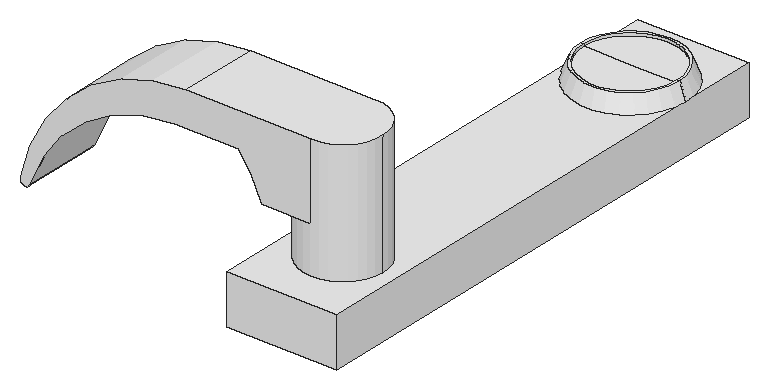
Revit family "Door-Hardware_Exit-Device_Hager_4600-Trim", category Specialty Equipment, Revit 2026
Family settings
  Round Connector Dimension = Use Diameter
  Part Type = Normal
  Classification Number = 23.30.40.31
  Work Plane-Based = Yes
  Enable Cutting in Views = No
  Always vertical = No
  Cut with Voids When Loaded = No
  Maintain Annotation Orientation = No
  Shared = Yes
  Room Calculation Point = No
Parameters (values of type "Cylinder Escutcheon")
  Warranty Duration (Years) = 0
  URL = "http://www.hagerco.com/"
  Strike Plate Type [instance] = ""
  Standards Conformance = "Grade 1"
  Specification = "http://www.arcat.com/sdspecs/htm04/08_71_00hco.htm"
  SpecWizard = ""
  Send Message = ""
  Sales Information = "http://www.hagerco.com/contact-us.aspx"
  Revision = "R1_2015-10"
  Product Properties = ""
  Product Data = "http://www.arcat.com/arcatcos/cos32/arc32922.html"
  Operating Temperature Range = "Interior - Exterior"
  Night Latch = no
  Model = "46CExxx"
  Manufacturer Website = "http://www.hagerco.com/"
  Manufacturer Phone - Toll Free = "800-325-9995"
  Manufacturer Phone = "314-772-4400"
  Manufacturer Fax = "800-782-0149"
  Manufacturer Address = "139 Victor St.  St. Louis, MO 63104"
  Manufacturer = "Hager Companies"
  Maintenance Schedule (Months) = 0
  Lever Type [instance] = Lever Option : Archer Lever
  Lever Rotation [instance] = if(or(Handing_RH, Handing_RHR), 180.00°, 0.00°)  # 0.00°
  Latchbolt Type [instance] = ""
  Keynote = "087100"
  Keying Type [instance] = ""
  Keying Function = "Keyed"
  Installation-Fabrication = ""
  Installation Phase = ""
  Handing_LHR [instance] = no
  Handing_RHR [instance] = no
  Handing_RH [instance] = no
  Handing_LH [instance] = yes
  Green Building-LEED = ""
  Function Type = "Function 08"
  Function Description = "Key unlocks and locks Lever"
  Fixture Finish [instance] = Metal - Standard US Finish as Specified
  Expected Lifespan (Years) = 0
  Drawn By = "Sumex Design, Inc. / Robert S. Weygant, CSI, CDT, SCIP"
  Door Thickness [instance] = 0' - 1 3/4"
  Description = "Hager Grade 1 Exit Device Trim - 4600 Series 46CExxx as Specified"
  Default Elevation = 0' - 0"  # constant formula
  Cylinder Type [instance] = ""
  Cylinder = yes
  Copyright = "©Arcat Inc."
  Construction Details = ""
  Backset [instance] = 0' - 2 3/4"
  Available Options [instance] = "as Specified"
  Assembly Code = "C1020410"
Types (4): name | Night Latch | Model | Keying Function | Function Type | Function Description | Description | Cylinder
  Cylinder Escutcheon | no | "46CExxx" | "Keyed" | "Function 08" | "Key unlocks and locks Lever" | "Hager Grade 1 Exit Device Trim - 4600 Series 46CExxx as Specified" | yes
  Blank Escutcheon | no | "46BExxx" | "Not Keyed" | "Function 14" | "Always Operable" | "Hager Grade 1 Exit Device Trim - 4600 Series 46BExxx as Specified" | no
  Night Latch Escutcheon | yes | "46NLxxx" | "Keyed" | "Function 03" | "Key retracts latchbolt" | "Hager Grade 1 Exit Device Trim - 4600 Series 46NLxxx as Specified" | no
  Dummy Escutcheon | no | "46DTxxx" | "Not Keyed" | "Function 02" | "Dummy" | "Hager Grade 1 Exit Device Trim - 4600 Series 46DTxxx as Specified" | no
Reference planes (in)
  plane 1 "Handle CL": y = 0
  plane 2 "Bottom": z = 0
  plane 3 "Center Rig": x = 0
  plane 4: z = 0
Dimensions and locks (in)
  plane 4 to level = 0' - 0"
Nested families (in)
  nested 1: "Lever Option" at (0, 0, 0), type <- "Lever Type", Lever Swivel <- "Lever Rotation", handle finish <- "Fixture Finish", Night Latch <- "Night Latch", Cylinder <- "Cylinder", type "Archer Lever"
    with pushbuttonstart 0' - 3", pushbuttonend 0' - 3 5/16", leverkey yes, knobkey no, handle finish Metal - Standard US Finish as Specified, cylindervis yes, cylinderlocate 0' - 5 1/2", Withnellvis no, Night Latch no, Lever Swivel 0.00°, Cylinder yes, Augustvis no, Archervis yes
Definition of nested family "Lever Option"
  Parameters
    pushbuttonstart [instance] = if(Lever Visible, 0' 3", 0' 2 7/16")  # 0' - 3"
    pushbuttonend [instance] = if(Lever Visible, 0' 3 5/16", 0' 2 3/4")  # 0' - 3 5/16"
    leverkey [instance] = no
    knobkey [instance] = no
    handle finish [instance] = none
    cylindervis [instance] = or(Night Latch, Cylinder)  # yes
    cylinderlocate [instance] = if(Cylinder, 0' 5 1/2", 0' 3")  # 0' - 5 1/2"
    Withnellvis [instance] = no
    Withnell = no
    Warranty Duration (Years) = 0
    URL = ""
    Specification = ""
    SpecWizard = ""
    Send Message = ""
    Sales Information = ""
    Revision = "R1_08-2013"
    Product Properties = ""
    Product Data = ""
    Night Latch [instance] = no
    Model = "As Specified"
    Manufacturer Website = ""
    Manufacturer Phone - Toll Free = ""
    Manufacturer Phone = ""
    Manufacturer Fax = ""
    Manufacturer Address = ""
    Manufacturer = ""
    Maintenance Schedule (Months) = 0
    Lever Visible = yes
    Lever Swivel [instance] = 0.00°
    Keynote = ""
    Installation-Fabrication = ""
    Installation Phase = ""
    Green Building-LEED = ""
    Expected Lifespan (Years) = 0
    Drawn By = "Sumex Design, Inc. / Robert S. Weygant, CSI, CDT, SCIP"
    Description = ""
    Default Elevation = 0' - 0"  # constant formula
    Cylinder [instance] = yes
    Copyright = "©Arcat Inc."
    Construction Details = ""
    Augustvis [instance] = no
    August = no
    Assembly Code = ""
    Archervis [instance] = yes
    Archer = yes
  Reference planes (in)
    plane 1 "Center (Front/Back)": y = 0
    plane 2 "Bottom": z = 0
    plane 3 "Center Rig": x = 0
    plane 4: y = 5.5
  Forms (in)
    Extrusion 1, solid, material <- "handle finish", visible <- "Archervis"
      sketch origin (0, 0, -0.125) x (-1, 0, 0) y (0, 0, 1)
        loop
          line (0, 2.75) -> (0, 1.59353) -> (0.7479, 1.59353)
          arc (0.7479, 1.59353) -> (0.89704, 1.92765) -> (1.11082, 2.2246) r 1.79552
          line (1.11082, 2.2246) -> (2.08175, 2.2246)
          arc (2.08175, 2.2246) -> (3.4483, 1.78263) -> (4.29721, 0.62412) r 2.33361
          arc (4.29721, 0.62412) -> (4.39183, 0.57278) -> (4.44899, 0.66401) r 0.07862
          arc (4.44899, 0.66401) -> (3.55438, 2.16153) -> (1.91225, 2.75) r 2.58544
          line (1.91225, 2.75) -> (0, 2.75)
      from -0.61541 to 0.61541
    Revolve 2, solid, material <- "handle finish", visible <- "Archervis"
      sketch origin (0, 0, -0.125) x (1, 0, 0) y (0, 0, 1)
        loop
          line (0, 0.40465) -> (0.61541, 0.40465) -> (0.61541, 2.75) -> (0, 2.75) -> (0, 0.40465)
        axis (0, 2.75) -> (0, 0.40465)
      angle from 0 to 360
    Extrusion 3, solid, material <- "handle finish", visible <- "Augustvis"
      sketch origin (0, 0, -0.125) x (-1, 0, 0) y (0, 0, 1)
        loop
          arc (4.58181, 2.43763) -> (3.18945, 2.67167) -> (1.77974, 2.75) r 12.72395
          line (1.77974, 2.75) -> (0, 2.75) -> (0, 1.09798) -> (0.6766, 1.09798) -> (0.6766, 2.30035)
          arc (0.6766, 2.30035) -> (0.71283, 2.34899) -> (0.75, 2.39692) r 3.10244
          line (0.75, 2.39692) -> (1.3629, 2.39692)
          arc (1.3629, 2.39692) -> (2.94831, 2.43729) -> (4.51393, 2.18427) r 8.5534
          line (4.51393, 2.18427) -> (4.58181, 2.43763)
      from -0.61541 to 0.61541
    Revolve 4, solid, material <- "handle finish", visible <- "Augustvis"
      sketch origin (0, 0, -0.125) x (1, 0, 0) y (0, 0, 1)
        loop
          line (0, 0.40465) -> (0.61541, 0.40465) -> (0.61541, 2.75) -> (0, 2.75) -> (0, 0.40465)
        axis (0, 2.75) -> (0, 0.40465)
      angle from 0 to 360
    Revolve 5, solid, material <- "handle finish", visible <- "Withnellvis"
      sketch origin (0, 0, -0.125) x (1, 0, 0) y (0, 0, 1)
        loop
          line (0, 0.4179) -> (0.61541, 0.4179) -> (0.61541, 2.75) -> (0, 2.75) -> (0, 0.4179)
        axis (0, 2.75) -> (0, 0.4179)
      angle from 0 to 360
    Extrusion 6, solid, material <- "handle finish", visible <- "Withnellvis"
      sketch origin (0, 0, -0.125) x (-1, 0, 0) y (0, 0, 1)
        loop
          line (4.0272, 0.6194) -> (3.3812, 2.60756)
          arc (3.3812, 2.60756) -> (3.30632, 2.71063) -> (3.18515, 2.75) r 0.20614
          line (3.18515, 2.75) -> (0, 2.75) -> (0, 1.09798) -> (0.65921, 1.09798) -> (0.65921, 2.10083)
          arc (0.65921, 2.10083) -> (0.71467, 2.23472) -> (0.84856, 2.29018) r 0.18935
          line (0.84856, 2.29018) -> (3.16127, 2.29018) -> (3.89194, 0.56883)
          arc (3.89194, 0.56883) -> (3.98377, 0.52937) -> (4.0272, 0.6194) r 0.07227
      from -0.61541 to 0.61541
    Extrusion 7, solid, material <- "handle finish"
      sketch origin (0, 0, 0) x (1, 0, 0) y (0, 1, 0)
        loop
          line (-0.84375, 6.70513) -> (-0.84375, -1.16987) -> (0.84375, -1.16987) -> (0.84375, 6.70513) -> (-0.84375, 6.70513)
      from 0 to 0.75
    Revolve 8, solid, material <- "handle finish", visible <- "cylindervis"
      sketch origin (0.85436, 5.5, 48) x (-1, 0, 0) y (0, 0, 1)
        loop
          line (0.85436, -47.25) -> (1.70872, -47.25) -> (1.60771, -47) -> (1.56957, -47) -> (1.56957, -47.0369) -> (0.85436, -47.0369) -> (0.85436, -47.25)
        axis (0.85436, -47) -> (0.85436, -47.25)
      angle from 0 to 360
  Cuts and joins
    joined: Extrusion 1, Revolve 2
    joined: Extrusion 3, Revolve 4
    joined: Revolve 5, Extrusion 6
  Lines and regions (in)
    reference lines
      curve 1: line (0, 0, 0) -> (-7.75, 0, 0)
    model lines, visible <- "cylindervis"
      curve 2: circle (0, 5.40566, 0.9631) r 0.37769 normal (0, 0, 1)
      curve 3: line (-0.03959, 5.45702, 0.9631) -> (0.04665, 5.45702, 0.9631)
      curve 4: line (-0.03959, 5.09109, 0.9631) -> (-0.03959, 5.45702, 0.9631)
      curve 5: line (0.04665, 5.09109, 0.9631) -> (-0.03959, 5.09109, 0.9631)
      curve 6: line (0.04665, 5.45702, 0.9631) -> (0.04665, 5.09109, 0.9631)
  Dimensions and locks (in)
    "cylinderlocate": plane 1 "Center (Front/Back)" to plane 4
    Extrusion 7 sketch curve to plane 1 "Center (Front/Back)" to Extrusion 7 sketch curve = 0' - 1.16987" locked, 0' - 6.70513" locked
    "Lever Swivel": angle curve 1 to plane 1 "Center (Front/Back)"
    aligned and locked: plane 3 "Center Rig" to curve 1
    aligned and locked: plane 1 "Center (Front/Back)" to curve 1
  Automatic sketch dimensions
    Revolve 2 sketch curve to plane 3 "Center Rig" = 0' - 0"  (x2)
    Revolve 2 sketch curve to Revolve 2 sketch curve = 0' - 0.61541"
    Revolve 2 sketch curve to level = 0' - 2.82516"
    level to Revolve 2 sketch curve = 0' - 0.27965"
    Revolve 2 sketch curve to Revolve 2 sketch curve = 0' - 2.34535"
    Revolve 2 sketch curve to Revolve 2 sketch curve = 0' - 1.67817"
    Revolve 4 sketch curve to plane 3 "Center Rig" = 0' - 0"  (x2)
    Revolve 4 sketch curve to Revolve 4 sketch curve = 0' - 0.61541"
    Revolve 4 sketch curve to level = 0' - 2.82516"
    level to Revolve 4 sketch curve = 0' - 0.27965"
    Revolve 4 sketch curve to Revolve 4 sketch curve = 0' - 2.34535"
    Revolve 4 sketch curve to Revolve 4 sketch curve = 0' - 1.67817"
    Revolve 5 sketch curve to plane 3 "Center Rig" = 0' - 0"  (x2)
    Revolve 5 sketch curve to Revolve 5 sketch curve = 0' - 0.61541"
    Revolve 5 sketch curve to level = 0' - 2.82516"
    level to Revolve 5 sketch curve = 0' - 0.2929"
    Revolve 5 sketch curve to Revolve 5 sketch curve = 0' - 2.3321"
    Revolve 5 sketch curve to Revolve 5 sketch curve = 0' - 1.67817"
    curve 1 to Extrusion 6 sketch curve = 0' - 0"
    curve 1 to Extrusion 6 sketch curve = 0' - 0.97298"
    curve 1 to Extrusion 6 sketch curve = 0' - 2 5/8"
    Extrusion 6 sketch curve to Extrusion 6 sketch curve = 0' - 0.65921"
    Extrusion 6 sketch curve to Extrusion 6 sketch curve = 0' - 0.18935"
    Extrusion 6 sketch curve to Extrusion 6 sketch curve = 0' - 0.02389"
    Extrusion 6 sketch curve to Extrusion 6 sketch curve = 0' - 0.19605"
    Extrusion 6 sketch curve to curve 1 = 0' - 0.44383"
    Extrusion 6 sketch curve to Extrusion 6 sketch curve = 0' - 0.06653"
    Extrusion 6 sketch curve to curve 1 = 0' - 0.4944"
    Extrusion 6 sketch curve to Extrusion 6 sketch curve = 0' - 0.06874"
    curve 1 to Extrusion 6 sketch curve = 0' - 1.97583"
    Extrusion 6 sketch curve to Extrusion 6 sketch curve = 0' - 0.20614"
    Extrusion 6 sketch curve to Extrusion 6 sketch curve = 0' - 2.3127"
    Extrusion 6 sketch curve to Extrusion 6 sketch curve = 0' - 0.73067"
    curve 1 to Extrusion 3 sketch curve = 0' - 0"
    curve 1 to Extrusion 3 sketch curve = 0' - 0.97298"
    curve 1 to Extrusion 3 sketch curve = 0' - 2 5/8"
    Extrusion 3 sketch curve to Extrusion 3 sketch curve = 0' - 0.6766"
    Extrusion 3 sketch curve to Extrusion 3 sketch curve = 0' - 0.0734"
    Extrusion 3 sketch curve to Extrusion 3 sketch curve = 0' - 0.6129"
    Extrusion 3 sketch curve to Extrusion 3 sketch curve = 0' - 0.41684"
    curve 1 to Extrusion 3 sketch curve = 0' - 2.37238"
    Extrusion 3 sketch curve to curve 1 = 0' - 0.34676"
    Extrusion 3 sketch curve to Extrusion 3 sketch curve = 0' - 2.50628"
    Extrusion 3 sketch curve to Extrusion 3 sketch curve = 0' - 1.33105"
    Extrusion 3 sketch curve to curve 1 = 0' - 2.31263"
    Extrusion 3 sketch curve to Extrusion 3 sketch curve = 0' - 0.06789"
    Extrusion 3 sketch curve to curve 1 = 0' - 6.22169"
    Extrusion 3 sketch curve to Extrusion 3 sketch curve = 0' - 0.25336"
    Revolve 8 sketch curve to plane 3 "Center Rig" = 0' - 0"  (x2)
    Revolve 8 sketch curve to plane 3 "Center Rig" = 0' - 0.71521"
    Revolve 8 sketch curve to Revolve 8 sketch curve = 0' - 0.03814"
    Revolve 8 sketch curve to Revolve 8 sketch curve = 0' - 0.10101"
    Revolve 8 sketch curve to level = 0' - 0 1/4"
    level to Revolve 8 sketch curve = 0' - 0 3/4"
    Revolve 8 sketch curve to Revolve 8 sketch curve = 0' - 0.2131"
    Revolve 8 sketch curve to Revolve 8 sketch curve = 0' - 0.0369"
    Revolve 8 sketch curve to Revolve 8 sketch curve = 0' - 1.0369"
    curve 6 to Revolve 8 = 0' - 0 11/256"
    curve 3 to curve 2 = 0' - 0.04665"
    curve 5 to curve 5 = 0' - 0.08624"
    curve 3 to curve 2 = 0' - 0.05136"
    curve 2 to curve 5 = 0' - 0.31457"
    Extrusion 7 sketch curve to plane 3 "Center Rig" = 0' - 0 27/32"
    plane 3 "Center Rig" to Extrusion 7 sketch curve = 0' - 0 27/32"
    curve 1 to Extrusion 1 sketch curve = 0' - 0"
    curve 1 to Extrusion 1 sketch curve = 0' - 1.46853"
    curve 1 to Extrusion 1 sketch curve = 0' - 2 5/8"
    Extrusion 1 sketch curve to Extrusion 1 sketch curve = 0' - 0.7479"
    Extrusion 1 sketch curve to Extrusion 1 sketch curve = 0' - 0.36291"
    Extrusion 1 sketch curve to curve 1 = 0' - 0.03956"
    Extrusion 1 sketch curve to Extrusion 1 sketch curve = 0' - 1.16435"
    Extrusion 1 sketch curve to Extrusion 1 sketch curve = 0' - 0.1695"
    Extrusion 1 sketch curve to Extrusion 1 sketch curve = 0' - 0.54129"
    Extrusion 1 sketch curve to curve 1 = 0' - 0.49912"
    Extrusion 1 sketch curve to Extrusion 1 sketch curve = 0' - 1.84366"
    Extrusion 1 sketch curve to Extrusion 1 sketch curve = 0' - 0"
    Extrusion 1 sketch curve to Extrusion 1 sketch curve = 0' - 0.07464"
    Extrusion 1 sketch curve to Extrusion 1 sketch curve = 0' - 0.07714"
    radius of curve 2 = 0' - 0.37769"
